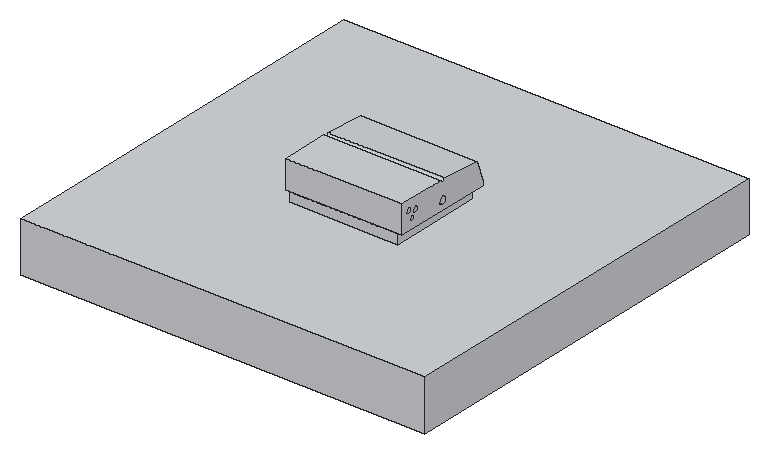
Revit family "Condicionador de Ar - Sistema Split - Hospedado - 12-60 kBtu", category Equipamento mecânico, Revit 2019
Family settings
  Hospedeiro = Face
  Cota do conector redondo = Usar raio
  Tipo de parte = Normal
  Corte com vazios quando carregada = Não
  Compartilhado = Não
  Ponto de cálculo do ambiente = Não
Parameters (values of type "Padrão")
  Largura = 228 mm
  Voltagem = 0 V
  Número de pólos = 1
  Deslocamento da lâmina = Comprimento do painel traseiro / 3  # 216.667 mm
  Classificação de carga = Refrigeração
  Comprimento = 700 mm
  Raio da drenagem = 11 mm
  Fluxo da drenagem [instance] = 0 GPM
  Diâmetro da drenagem = Raio da drenagem * 2  # 22 mm
  Raio DX de saída = 14 mm
  Diâmetro DX de saída = Raio DX de saída * 2  # 28 mm
  Raio DX de entrada = 14 mm
  Altura = 611 mm
  Default Elevation = 1219.2 mm
  Diâmetro DX de entrada = Raio DX de entrada * 2  # 28 mm
  Fluxo DX [instance] = 0 GPM
  Capacidade de refrigeração = 0 Btu/h
  Comprimento do painel traseiro = 650 mm
  Carga aparente = 0 VA
  Material do ar condicionado = none
Reference planes
  plane 1 "Centro (Frente/Trás)": y = 0
  plane 2 "Parte posterior": z = 0
  plane 3 "Centro (Esquerda/Direita)": x = 0
  plane 4 "Parte frontal": z = 228
  plane 5 "Esquerda": x = -350
  plane 6 "Direita": x = 350
  plane 7 "Superior": y = 305.5
  plane 8 "Inferior": y = -305.5
  plane 9 "Centro (Superior/Inferior)": z = 114
  plane 10 "Traseira do painel frontal": z = 59
  plane 11: x = 325
  plane 12: x = -325
  plane 13 "Topo do painel traseiro": y = 255.5
  plane 14 "Conexões cl": z = 143.5
Forms (mm)
  Extrusion 1, solid
    sketch origin (0, 0, 0) x (1, 0, 0) y (0, 1, 0)
      loop
        line (-1219.2, 1219.2) -> (-1219.2, -1219.2) -> (1219.2, -1219.2) -> (1219.2, 1219.2) -> (-1219.2, 1219.2)
    from 0 to -304.8
  Extrusion 2, solid, material <- "Material do ar condicionado"
    sketch origin (0, 0, 0) x (0, 1, 0) y (0, 0, 1)
      loop
        line (-305.5, 228) -> (-305.5, 59) -> (305.5, 59) -> (305.5, 82.861) -> (259.788, 208.453) -> (14.984, 227.548)
        arc (14.984, 227.548) -> (-0.238, 212.999) -> (-15.015, 228) r 15.003
        line (-15.015, 228) -> (-305.5, 228)
    from -350 to 350
  Extrusion 3, solid, material <- "Material do ar condicionado"
    sketch origin (0, 0, 0) x (1, 0, 0) y (0, 1, 0)
      loop
        line (-325, 255.5) -> (-325, -305.5) -> (325, -305.5) -> (325, 255.5) -> (-325, 255.5)
    from 0 to 59
  Extrusion 4, solid, material <- "Material do ar condicionado"
    sketch origin (350, 0, 0) x (0, 0, 1) y (0, 1, 0)
      loop
        circle (171.5, -255.5) r 14
      loop
        circle (157.5, -205.5) r 14
      loop
        circle (121.5, -230.5) r 11
      loop
        circle (114, 0) r 20
    from 0 to 25
Lines and regions (mm)
  model lines
    curve 1: line (-350, -50, 228) -> (350, -50, 228)
    curve 2: line (-350, -255.5, 228) -> (350, -255.5, 228)
    curve 3: line (-350, -75.688, 228) -> (350, -75.688, 228)
    curve 4: line (-350, -101.375, 228) -> (350, -101.375, 228)
    curve 5: line (-350, -127.063, 228) -> (350, -127.063, 228)
    curve 6: line (-350, -152.75, 228) -> (350, -152.75, 228)
    curve 7: line (-350, -178.438, 228) -> (350, -178.438, 228)
    curve 8: line (-350, -204.125, 228) -> (350, -204.125, 228)
    curve 9: line (-350, -229.813, 228) -> (350, -229.813, 228)
    curve 10: line (325, 268.339, 184.961) -> (-325, 268.339, 184.961)
    curve 11: line (325, 275.491, 165.309) -> (-325, 275.491, 165.309)
    curve 12: line (325, 282.644, 145.657) -> (-325, 282.644, 145.657)
    curve 13: line (325, 289.797, 126.005) -> (-325, 289.797, 126.005)
    curve 14: line (325, 296.949, 106.353) -> (-325, 296.949, 106.353)
    curve 15: line (325, 268.339, 184.961) -> (325, 296.949, 106.353)
    curve 16: line (-325, 268.339, 184.961) -> (-325, 296.949, 106.353)
    curve 17: line (-108.333, 268.339, 184.961) -> (-108.333, 296.949, 106.353)
    curve 18: line (108.333, 268.339, 184.961) -> (108.333, 296.949, 106.353)
Dimensions and locks
  equal spacing: plane 4 "Parte frontal", plane 9 "Centro (Superior/Inferior)", plane 2 "Parte posterior"
  equal spacing: plane 7 "Superior", plane 1 "Centro (Frente/Trás)", plane 8 "Inferior"
  "Altura": plane 7 "Superior" to plane 8 "Inferior"
  equal spacing: plane 5 "Esquerda", plane 3 "Centro (Esquerda/Direita)", plane 6 "Direita"
  "Comprimento": plane 5 "Esquerda" to plane 6 "Direita"
  "Largura": plane 4 "Parte frontal" to plane 2 "Parte posterior"
  locked: plane 10 "Traseira do painel frontal" to plane 2 "Parte posterior" at 59
  locked: Extrusion 2 sketch curve to plane 10 "Traseira do painel frontal" at 23.861
  equal spacing: plane 12, plane 3 "Centro (Esquerda/Direita)", plane 11
  "Comprimento do painel traseiro": plane 12 to plane 11
  locked: plane 7 "Superior" to plane 13 "Topo do painel traseiro" at 50
  locked: plane 8 "Inferior" to curve 2 at 50
  locked: curve 1 to plane 1 "Centro (Frente/Trás)" at 50
  equal spacing: curve 2, curve 9, curve 8, curve 7, curve 6, curve 5, curve 4, curve 3, curve 1
  locked: Extrusion 2 to curve 10 at 25
  locked: Extrusion 2 to curve 14 at 25
  equal spacing: curve 14, curve 13, curve 12, curve 11, curve 10
  equal spacing: curve 17, plane 3 "Centro (Esquerda/Direita)", curve 18
  "Deslocamento da lâmina": curve 17 to curve 18
  equal spacing: plane 4 "Parte frontal", plane 14 "Conexões cl", plane 10 "Traseira do painel frontal"
  locked: plane 8 "Inferior" to Extrusion 4 sketch curve at 50
  "Diâmetro DX de entrada": Extrusion 4 sketch curve to plane 14 "Conexões cl"
  locked: plane 8 "Inferior" to Extrusion 4 sketch curve at 100
  "Raio DX de saída": Extrusion 4 sketch curve to plane 14 "Conexões cl"
  locked: plane 8 "Inferior" to Extrusion 4 sketch curve at 75
  "Diâmetro da drenagem": plane 14 "Conexões cl" to Extrusion 4 sketch curve
  radius of Extrusion 2 sketch curve = 15.003 mm
  "Raio DX de entrada": radius of Extrusion 4 sketch curve
  "Raio DX de saída": radius of Extrusion 4 sketch curve
  "Raio da drenagem": radius of Extrusion 4 sketch curve
  radius of Extrusion 4 sketch curve = 20 mm
  locked: plane 7 "Superior" to Extrusion 2 sketch curve (angle 20.00°)
  locked: Extrusion 2 sketch curve to plane 4 "Parte frontal" (angle 4.46°)
  aligned and locked: plane 2 "Parte posterior" to Extrusion 1
  aligned and locked: level to Extrusion 1
  aligned and locked: plane 8 "Inferior" to Extrusion 2 sketch curve
  aligned and locked: plane 7 "Superior" to Extrusion 2 sketch curve
  aligned and locked: plane 4 "Parte frontal" to Extrusion 2 sketch curve
  aligned and locked: Extrusion 2 sketch curve to plane 4 "Parte frontal"
  aligned and locked: Extrusion 2 to plane 6 "Direita"
  aligned and locked: Extrusion 2 to plane 5 "Esquerda"
  aligned and locked: Extrusion 2 sketch curve to plane 10 "Traseira do painel frontal"
  aligned and locked: Extrusion 3 sketch curve to plane 13 "Topo do painel traseiro"
  aligned and locked: plane 12 to Extrusion 3 sketch curve
  aligned and locked: Extrusion 3 sketch curve to plane 8 "Inferior"
  aligned and locked: plane 11 to Extrusion 3 sketch curve
  aligned and locked: Extrusion 3 to plane 2 "Parte posterior"
  aligned and locked: plane 10 "Traseira do painel frontal" to Extrusion 3
  aligned and locked: plane 5 "Esquerda" to curve 2
  aligned and locked: plane 5 "Esquerda" to curve 9
  aligned and locked: plane 5 "Esquerda" to curve 8
  aligned and locked: plane 5 "Esquerda" to curve 7
  aligned and locked: plane 5 "Esquerda" to curve 6
  aligned and locked: plane 5 "Esquerda" to curve 5
  aligned and locked: plane 5 "Esquerda" to curve 4
  aligned and locked: plane 5 "Esquerda" to curve 3
  aligned and locked: plane 5 "Esquerda" to curve 1
  aligned and locked: plane 6 "Direita" to curve 2
  aligned and locked: plane 6 "Direita" to curve 9
  aligned and locked: plane 6 "Direita" to curve 8
  aligned and locked: plane 6 "Direita" to curve 7
  aligned and locked: plane 6 "Direita" to curve 6
  aligned and locked: plane 6 "Direita" to curve 5
  aligned and locked: plane 6 "Direita" to curve 4
  aligned and locked: plane 6 "Direita" to curve 3
  aligned and locked: plane 6 "Direita" to curve 1
  aligned and locked: plane 12 to curve 10
  aligned and locked: plane 12 to curve 11
  aligned and locked: plane 12 to curve 12
  aligned and locked: plane 12 to curve 13
  aligned and locked: plane 12 to curve 14
  aligned and locked: plane 11 to curve 10
  aligned and locked: plane 11 to curve 11
  aligned and locked: plane 11 to curve 12
  aligned and locked: plane 11 to curve 13
  aligned and locked: plane 11 to curve 14
  aligned and locked: curve 15 to plane 11
  aligned and locked: plane 12 to curve 16
  aligned and locked: curve 14 to curve 16
  aligned and locked: curve 10 to curve 16
  aligned and locked: plane 1 "Centro (Frente/Trás)" to Extrusion 4 sketch curve
  aligned and locked: plane 9 "Centro (Superior/Inferior)" to Extrusion 4 sketch curve
  aligned and locked: plane 6 "Direita" to Extrusion 4
  aligned and locked: plane 11 to Extrusion 4
Automatic sketch dimensions
  Extrusion 1 sketch curve to Extrusion 1 sketch curve = 2438.4 mm  (x2)
  plane 1 "Centro (Frente/Trás)" to Extrusion 2 sketch curve = 15.015 mm
  Extrusion 2 sketch curve to plane 4 "Parte frontal" = 0.452 mm
  Extrusion 2 to curve 14 = 25 mm
  curve 14 to curve 17 = 216.667 mm
  Extrusion 2 to curve 18 = 241.667 mm
  Extrusion 2 to curve 15 = 25 mm
Connectors
  piping at (350, -255.5, 171.5), diameter 28, driven by "Fluxo DX", driven by "Raio DX de entrada"
    settings: on Extrusion 4, index 1, connector inside diameter 28 mm, connector length 0 mm, flow factor 0, pipe flow 0 GPM, pressure drop 0.00 psi, fitting loss kfactor 0, connector angle 0.00°, fixture units 0, engagement length 0 mm, angle of deflection 0.00°, flow configuration 1, flow direction 1, fitting loss method 0, system type 22, joint type 0, gender type 0, connector reference index 2, connector utility 0, adjustable connector no, is connector primary yes, connector description "Entrada do refrigerante"
  piping at (350, -205.5, 157.5), diameter 28, driven by "Fluxo DX", driven by "Raio DX de saída"
    settings: on Extrusion 4, index 2, connector inside diameter 28 mm, connector length 0 mm, flow factor 0, pipe flow 0 GPM, pressure drop 0.00 psi, fitting loss kfactor 0, connector angle 0.00°, fixture units 0, engagement length 0 mm, angle of deflection 0.00°, flow configuration 1, flow direction 2, fitting loss method 0, system type 22, joint type 0, gender type 0, connector reference index 1, connector utility 0, adjustable connector no, is connector primary no, connector description "Saída do refrigerante"
  piping at (350, -230.5, 121.5), diameter 22, driven by "Fluxo da drenagem", driven by "Raio da drenagem"
    settings: on Extrusion 4, index 3, connector inside diameter 22 mm, connector length 0 mm, flow factor 0, pipe flow 0 GPM, pressure drop 0.00 psi, fitting loss kfactor 0, connector angle 0.00°, fixture units 0, engagement length 0 mm, angle of deflection 0.00°, flow configuration 1, flow direction 2, fitting loss method 0, system type 16, joint type 0, gender type 0, connector reference index -1, connector utility 0, adjustable connector yes, is connector primary no, connector description "Saída da drenagem"
  electrical at (350, 0, 114), driven by "Número de pólos", driven by "Classificação de carga", driven by "Voltagem", driven by "Carga aparente"
    settings: on Extrusion 4, index 4, voltage 0 V, apparent load 0 VA, apparent load phase1 0 VA, apparent load phase2 0 VA, apparent load phase3 0 VA, power factor 0.8, load classification "Refrigeração", number of poles 1, system type 30, power factor state 1, is connector primary yes, connector utility no, sub classification motor no, connector description "Potência"
Types in the file's own list only (7): name | Largura | Deslocamento da lâmina | Comprimento | Altura | Elevação-padrão | Capacidade de refrigeração | Comprimento do painel traseiro
  12000 Btu/h | 229 mm | 321 mm | 1085 mm | 612 mm | 1219 mm | 12000 Btu/h | 962 mm
  18000 Btu/h | 229 mm | 404 mm | 1335 mm | 612 mm | 1219 mm | 18000 Btu/h | 1212 mm
  24000 Btu/h | 229 mm | 404 mm | 1335 mm | 612 mm | 1219 mm | 24000 Btu/h | 1212 mm
  30000 Btu/h | 229 mm | 487 mm | 1585 mm | 612 mm | 1219 mm | 30000 Btu/h | 1462 mm
  36000 Btu/h | 229 mm | 487 mm | 1585 mm | 612 mm | 1219 mm | 36000 Btu/h | 1462 mm
  48000 Btu/h | 229 mm | 571 mm | 1835 mm | 612 mm | 1219 mm | 48000 Btu/h | 1712 mm
  60000 Btu/h | 229 mm | 654 mm | 2085 mm | 612 mm | 1219 mm | 60000 Btu/h | 1962 mm
